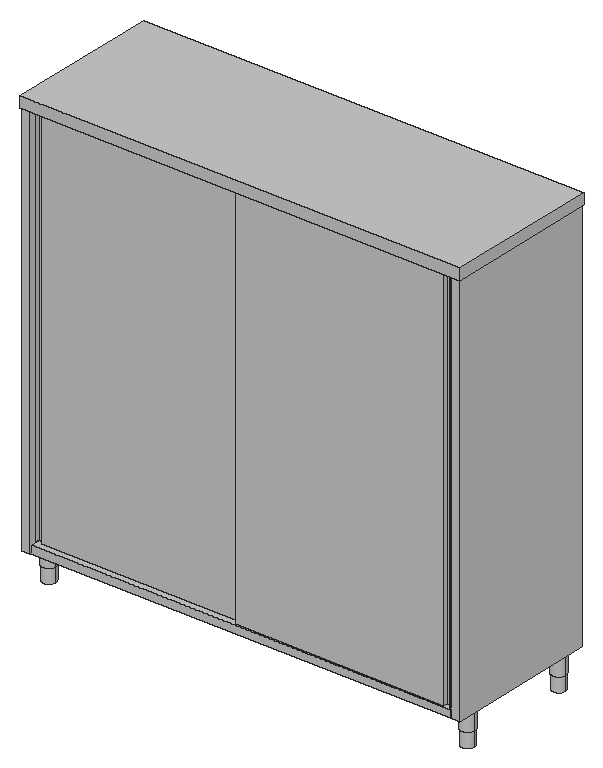
Revit family "QF_ELECTROLUXPROFESSIONAL_132893_SASH20N", category Attrezzature speciali, Revit 2020
Family settings
  Quota connettore circolare = Usa diametro
  Tipo di parte = Normale
  Basato su piano di lavoro = No
  Sempre verticale = Sì
  Taglio con vuoti quando caricato = No
  Condiviso = No
  Punto di calcolo locali = No
Parameters (values of type "Standard")
  Weight = 185.00 kg
  Watts = 0 W
  Volts = 0 V
  URL Manufacturer = "https://www.electroluxprofessional.com/"
  URL = "https://www.electroluxprofessional.com/"
  Steam Supply Size = 0 mm
  Steam Supply Minimum Pressure = 0.0 Pa
  Steam Supply Maximum Pressure = 0.0 Pa
  Steam Consumption per Hour = 0
  Refrigeration Suction Line Size = 0.0 mm
  Refrigeration Liquid Line Size = 0.0 mm
  Refrigerant Compressor Remote = yes
  Prospetto di default = 0.0 mm
  Phase = 0
  Modello = "SASH20N"
  Produttore = "Electrolux Professional"
  Length Actual = 2000.0 mm  # constant formula
  Item Number = "132893"
  Hot Water Size = 0 mm
  Height Actual = 2000.0 mm  # constant formula
  HP = "0 HP"
  Gas Size = 0 mm
  Gas KW = 0
  Gas Input Pressure = 0 W
  Direct Waste Size = 0 mm
  Descrizione = "STORAGE CAB(H=2000)+SLIDING DOORS 2000MM"
  Depth Actual = 700.0 mm  # constant formula
  Cycle = 0 Hz
  Condensate Return Size = 0 mm
  Compressed Air Volume = 0.0 L/s
  Compressed Air Size = 0 mm
  Compressed Air Pressure = 0.0 Pa
  Cold Water Size = 0 mm
  Accessory = yes
Reference planes
  plane 1 "Center (Front/Back)": y = 0
  plane 2: z = 0
  plane 3 "Center (Left/Right)": x = -300
  plane 4 "LEFT": x = -1300
  plane 5 "RIGHT": x = 700
  plane 6 "BACK": y = 350
  plane 7 "FRONT": y = -350
  plane 8 "TOP": z = 2000
  plane 9: x = -1252
  plane 10: x = 652
  plane 11: y = 270
  plane 12: y = -247
  plane 13 "FEET": z = 150
  plane 14: x = -1254.5
  plane 15: y = -344.5
  plane 16: x = 654.5
  plane 17: x = -326.5
  plane 18: x = -273.5
  plane 19 "BaseTop": z = 1950
  plane 20: x = -1294.5
  plane 21: x = 694.5
  plane 22: y = 344.5
Forms (mm)
  Extrusion 1, solid, material "QF_Finishes_Stainless Steel"
    sketch origin (0, 0, 150) x (-1, 0, 0) y (0, -1, 0)
      loop
        line (1294.5, -350) -> (1294.5, 350) -> (1254.5, 350) -> (1254.5, -350) -> (1294.5, -350)
      loop
        line (-654.5, -350) -> (-654.5, 344.5) -> (-694.5, 344.5) -> (-694.5, -350) -> (-654.5, -350)
    from 0 to 1800
  Extrusion 2, solid, material "QF_Finishes_Stainless Steel"
    sketch origin (0, 0, 150) x (-1, 0, 0) y (0, -1, 0)
      loop
        line (1254.5, -347) -> (1254.5, 344.5) -> (-654.5, 344.5) -> (-654.5, -347) -> (1254.5, -347)
    from 0 to 35
  Extrusion 3, solid, material "QF_Finishes_Stainless Steel"
    sketch origin (0, 0, 150) x (-1, 0, 0) y (0, -1, 0)
      loop
        line (-654.5, -350) -> (1254.5, -350) -> (1254.5, -327) -> (-654.5, -327) -> (-654.5, -350)
    from 1800 to 35
  Extrusion 4, solid, material "QF_Finishes_Stainless Steel"
    sketch origin (0, 0, 1950) x (-1, 0, 0) y (0, -1, 0)
      loop
        line (1300, 350) -> (-700, 350) -> (-700, -350) -> (1300, -350) -> (1300, 350)
    from 0 to 50
  Extrusion 5, solid, material "QF_Finishes_Stainless Steel"
    sketch origin (33, 0, 150) x (-1, 0, 0) y (0, -1, 0)
      loop
        line (306.5, 324.5) -> (306.5, 304.5) -> (1285, 304.5) -> (1285, 324.5) -> (1283, 324.5) -> (1283, 309.5) -> (1256.034, 309.5) -> (1256.034, 324.5) -> (306.5, 324.5)
    from 1800 to 40
  Extrusion 6, solid, material "QF_Finishes_Stainless Steel"
    sketch origin (-633, 0, 150) x (1, 0, 0) y (0, 1, 0)
      loop
        line (306.5, -344.5) -> (1256.034, -344.5) -> (1256.034, -329.5) -> (1283, -329.5) -> (1283, -344.5) -> (1285, -344.5) -> (1285, -324.5) -> (306.5, -324.5) -> (306.5, -344.5)
    from 1800 to 40
Lines and regions (mm)
  symbolic lines, style "SpecialityEquipment"
    curve 1: line (-1300, 350, 1950) -> (700, 350, 1950)
    curve 2: line (-1300, -350, 1950) -> (-1300, 350, 1950)
    curve 3: line (700, -350, 1950) -> (-1300, -350, 1950)
    curve 4: line (700, 350, 1950) -> (700, -350, 1950)
  symbolic lines, style "SpecialityEquipmentHiddenLines"
    curve 5: line (-1300, -350, 1950) -> (700, 350, 1950)
    curve 6: line (-326.5, -324.5, 200) -> (-326.5, -344.5, 200)
    curve 7: line (-1252, -304.5, 1950) -> (-273.5, -304.5, 1950)
    curve 8: line (-273.5, -304.5, 1950) -> (-273.5, -324.5, 1950)
    curve 9: line (-273.5, -324.5, 1950) -> (-1252, -324.5, 1950)
    curve 10: line (-1252, -324.5, 1950) -> (-1252, -304.5, 1950)
    curve 11: line (-326.5, -344.5, 1950) -> (652, -344.5, 1950)
    curve 12: line (652, -344.5, 1950) -> (652, -324.5, 1950)
    curve 13: line (652, -324.5, 1950) -> (-273.5, -324.5, 1950)
Dimensions and locks
  plane 4 "LEFT" to plane 5 "RIGHT" = 2000.0 mm
  equal spacing: plane 4 "LEFT", plane 3 "Center (Left/Right)", plane 5 "RIGHT"
  plane 6 "BACK" to plane 7 "FRONT" = 700.0 mm
  equal spacing: plane 6 "BACK", plane 1 "Center (Front/Back)", plane 7 "FRONT"
  locked: plane 13 "FEET" to level at 150
  locked: plane 4 "LEFT" to plane 9 at 48
  locked: plane 10 to plane 5 "RIGHT" at 48
  locked: plane 6 "BACK" to plane 11 at 80
  locked: plane 12 to plane 7 "FRONT" at 103
  locked: plane 8 "TOP" to level at 2000
  locked: plane 17 to plane 18 at 53
  equal spacing: plane 17, plane 3 "Center (Left/Right)", plane 18
  plane 4 "LEFT" to plane 20 = 5.5 mm
  locked: plane 20 to plane 14 at 40
  locked: plane 16 to plane 21 at 40
  locked: plane 21 to plane 5 "RIGHT" at 5.5
  plane 15 to plane 7 "FRONT" = 5.5 mm  (x2)
  plane 6 "BACK" to plane 22 = 5.5 mm
  locked: plane 8 "TOP" to plane 19 "BaseTop" at 50
  aligned and locked: level to plane 2
  aligned and locked: plane 9 to nested 1
  aligned and locked: plane 10 to nested 2
  aligned and locked: nested 4 to plane 11
  aligned and locked: plane 9 to nested 3
  aligned and locked: nested 3 to plane 11
  aligned and locked: plane 6 "BACK" to Extrusion 1 sketch curve
  aligned and locked: Extrusion 1 sketch curve to plane 6 "BACK"
  aligned and locked: Extrusion 1 sketch curve to plane 7 "FRONT"
  aligned and locked: plane 14 to Extrusion 1
  aligned and locked: Extrusion 2 to plane 14
  aligned and locked: Extrusion 2 to plane 15
  aligned and locked: nested 1 to plane 12
  aligned and locked: nested 2 to plane 12
  aligned and locked: Extrusion 2 sketch curve to plane 16
  aligned and locked: nested 4 to nested 2
  aligned and locked: plane 16 to Extrusion 3
  aligned and locked: Extrusion 3 to plane 14
  aligned and locked: plane 19 "BaseTop" to Extrusion 3
Automatic sketch dimensions
  Extrusion 1 sketch curve to plane 15 = 0.0 mm
  Extrusion 1 sketch curve to plane 21 = 0.0 mm
  Extrusion 1 sketch curve to plane 16 = 0.0 mm
  Extrusion 1 sketch curve to plane 14 = 0.0 mm
  Extrusion 1 sketch curve to plane 20 = 0.0 mm
  Extrusion 2 sketch curve to plane 14 = 0.0 mm
  Extrusion 2 sketch curve to plane 15 = 0.0 mm
  plane 22 to Extrusion 2 sketch curve = 2.5 mm
  curve 6 to plane 15 = 0.0 mm
  curve 6 to plane 17 = 0.0 mm
  plane 15 to curve 6 = 20.0 mm
  Extrusion 3 sketch curve to plane 6 "BACK" = 0.0 mm
  Extrusion 3 sketch curve to plane 16 = 0.0 mm
  Extrusion 3 sketch curve to plane 14 = 0.0 mm
  plane 22 to Extrusion 3 sketch curve = 17.5 mm
  Extrusion 4 sketch curve to plane 5 "RIGHT" = 0.0 mm
  Extrusion 4 sketch curve to plane 4 "LEFT" = 0.0 mm
  Extrusion 4 sketch curve to plane 6 "BACK" = 0.0 mm
  Extrusion 4 sketch curve to plane 7 "FRONT" = 0.0 mm
  Extrusion 5 sketch curve to plane 18 = 0.0 mm
  Extrusion 5 sketch curve to plane 9 = 0.0 mm
  plane 9 to Extrusion 5 sketch curve = 28.966 mm
  plane 9 to Extrusion 5 sketch curve = 2.0 mm
  plane 15 to Extrusion 5 sketch curve = 40.0 mm
  Extrusion 5 sketch curve to Extrusion 5 sketch curve = 5.0 mm
  Extrusion 5 sketch curve to Extrusion 5 sketch curve = 15.0 mm  (x2)
  Extrusion 6 sketch curve to plane 17 = 0.0 mm
  Extrusion 6 sketch curve to plane 15 = 0.0 mm  (x2)
  Extrusion 6 sketch curve to plane 10 = 0.0 mm
  plane 10 to Extrusion 6 sketch curve = 28.966 mm
  Extrusion 6 sketch curve to plane 15 = 15.0 mm
  Extrusion 6 sketch curve to Extrusion 6 sketch curve = 20.0 mm
  Extrusion 6 sketch curve to Extrusion 6 sketch curve = 2.0 mm
  curve 1 to plane 5 "RIGHT" = 0.0 mm
  curve 11 to plane 10 = 0.0 mm
  curve 8 to plane 18 = 0.0 mm
  curve 11 to plane 17 = 0.0 mm
  curve 9 to plane 9 = 0.0 mm
  curve 3 to plane 4 "LEFT" = 0.0 mm
  curve 1 to plane 6 "BACK" = 0.0 mm
  curve 12 to plane 15 = 0.0 mm
  curve 4 to plane 7 "FRONT" = 0.0 mm
  plane 15 to curve 8 = 40.0 mm
  curve 13 to curve 11 = 20.0 mm
Nested families
  nested 1: "FEET_D60-150" at (-1252, -247, 0), type "FEET_D60-150"
  nested 2: "FEET_D60-150" at (652, -247, 0), type "FEET_D60-150"
  nested 3: "FEET_D60-150" at (-1252, 270, 0), type "FEET_D60-150"
  nested 4: "FEET_D60-150" at (652, 270, 0), type "FEET_D60-150"
Definition of nested family "FEET_D60-150"
  Parameters
    Default Elevation = 0.0 mm
    FEET = 150.0 mm
  Reference planes
    plane 1 "Center (Front/Back)": y = 0
    plane 2: z = 0
    plane 3 "Center (Left/Right)": x = 0
    plane 4: z = 150
  Forms (mm)
    Extrusion 1, solid
      sketch origin (0, 0, 0) x (1, 0, 0) y (0, 1, 0)
        loop
          circle (0, 0) r 28
      from 0 to 67
    Revolve 2, solid
      sketch origin (0, 0, 0) x (1, 0, 0) y (0, 0, 1)
        loop
          line (0, 0) -> (0, 150) -> (-32.939, 150) -> (-32.939, 67) -> (-30, 67) -> (-30, 0) -> (0, 0)
        axis (0, 150) -> (0, 0)
      angle from 0 to 360
  Lines and regions (mm)
    symbolic lines
      curve 1: line (0, -1.503, 0) -> (0, 1.508, 0)
      curve 2: line (1.561, 0, 0) -> (-1.439, 0, 0)
  Dimensions and locks
    "FEET": plane 4 to plane 2
    aligned and locked: level to plane 2
  Automatic sketch dimensions
    plane 1 "Center (Front/Back)" to Extrusion 1 sketch curve = 0.0 mm
    Extrusion 1 sketch curve to plane 3 "Center (Left/Right)" = 0.0 mm
    plane 1 "Center (Front/Back)" to curve 2 = 0.0 mm
    curve 1 to plane 3 "Center (Left/Right)" = 0.0 mm
    curve 2 to plane 3 "Center (Left/Right)" = 1.439 mm
    plane 3 "Center (Left/Right)" to curve 2 = 1.561 mm
    plane 1 "Center (Front/Back)" to curve 1 = 1.503 mm
    curve 1 to plane 1 "Center (Front/Back)" = 1.508 mm
    Revolve 2 sketch curve to plane 4 = 0.0 mm
    Revolve 2 sketch curve to level = 0.0 mm
    Revolve 2 sketch curve to plane 3 "Center (Left/Right)" = 0.0 mm  (x2)
    Revolve 2 sketch curve to plane 3 "Center (Left/Right)" = 30.0 mm
    Revolve 2 sketch curve to plane 3 "Center (Left/Right)" = 32.939 mm
    level to Revolve 2 sketch curve = 67.0 mm
    Revolve 2 sketch curve to level = 42.207 mm
    Revolve 2 sketch curve to Revolve 2 sketch curve = 10.0 mm
    radius of Extrusion 1 sketch curve = 28.0 mm
